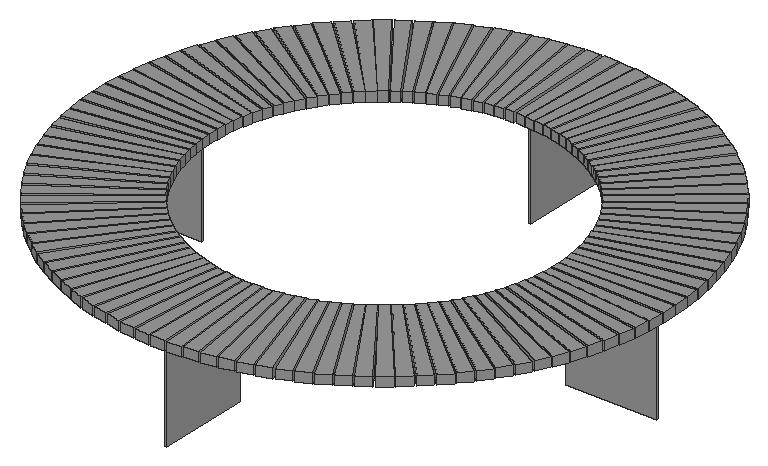
Revit family "Скамейка стальная круглая «Сол» без спинки Арт 12987", category Антураж, Revit 2018
Family settings
  На основе рабочей плоскости = Нет
  Всегда вертикально = Да
  При загрузке вырезать с полостями = Нет
  Источник визуального образа = Геометрия семейства
  Общий = Нет
  Точка расчета площади = Нет
Parameters (values of type "Версия 2,5 м")
  Ширина = Длина  # 2500 mm
  Цвет опоры = Сталь
  Цвет лавки = Дерево
  Описание = if([Версия 2,0 м], "Скамейка стальная круглая «Сол» без спинки. Версия 2,0 м", "Скамейка стальная круглая «Сол» без спинки. Версия 2,5 м")  # "Скамейка стальная круглая «Сол» без спинки. Версия 2,5 м"
  Материал изделия = "Сталь, дерево"  # constant formula
  Изображение типоразмера = Скамейка стальная круглая «Сол» без спинки Арт 12987.jpg
  Изготовитель = "ООО «Хоббика»"  # constant formula
  Длина = if([Версия 2,0 м], 2000 mm, 2500 mm)  # 2500 mm
  Группа модели = "Скамейки"  # constant formula
  Высота = 450 mm  # constant formula
  Версия 2,5 м = not([Версия 2,0 м])  # yes
  Версия 2,0 м = no
  Артикул товара = "Арт. 12987"  # constant formula
  URL = "https://hobbyka.ru/product/divan_stalnoy_sol/"
Reference planes
  plane 1 "По центру (Вперед/Назад)": y = 0
  plane 2: z = 0
  plane 3 "По центру (Влево/Вправо)": x = 0
  plane 4: y = 2500
  plane 5: x = 2500
  plane 6: z = 450
Dimensions and locks
  "Длина": plane 3 "По центру (Влево/Вправо)" to plane 5
  "Ширина": plane 4 to plane 1 "По центру (Вперед/Назад)"
  "Высота": plane 6 to plane 2
  aligned and locked: level to plane 2
Nested families
  nested 1: "Скамейка стальная круглая «Сол» без спинки Арт 12987 2,0 м" at (0, 0, 0), visible <- "Версия 2,0 м", type "Скамейка стальная круглая «Сол» без спинки Арт 12987 2,0 м"
  nested 2: "Скамейка стальная круглая «Сол» без спинки Арт 12987 2,5 м" at (0, 0, 0), visible <- "Версия 2,5 м", type "Скамейка стальная круглая «Сол» без спинки Арт 12987 2,5 м"
Definition of nested family "Скамейка стальная круглая «Сол» без спинки Арт 12987 2,0 м"
  Parameters (values of type "Скамейка стальная круглая «Сол» без спинки Арт 12987 2,0 м")
    Цвет опоры = none
    Цвет лавки = none
    Height = 0 mm
  Reference planes
    plane 1 "По центру (Вперед/Назад)": y = 0
    plane 2: z = 0
    plane 3 "По центру (Влево/Вправо)": x = 0
    plane 4: y = 2000
    plane 5: x = 2000
  Forms (mm)
    Extrusion 1, solid, material <- "Цвет лавки"
      sketch origin (0, 0, 0) x (1, 0, 0) y (0, 1, 0)
        loop
          line (1012.271, 1499.849) -> (1024.541, 1999.699)
          arc (1024.541, 1999.699) -> (1000, 2000) -> (975.459, 1999.699) r 1000
          line (975.459, 1999.699) -> (987.729, 1499.849)
          arc (987.729, 1499.849) -> (1000, 1500) -> (1012.271, 1499.849) r 500
      from 410 to 450
    Extrusion 2, solid, material <- "Цвет лавки"
      sketch origin (-54.446, 57.587, 0) x (0.99843, -0.056017, 0) y (0.056017, 0.99843, 0)
        loop
          line (1012.271, 1499.849) -> (1024.541, 1999.699)
          arc (1024.541, 1999.699) -> (1000, 2000) -> (975.459, 1999.699) r 1000
          line (975.459, 1999.699) -> (987.729, 1499.849)
          arc (987.729, 1499.849) -> (1000, 1500) -> (1012.271, 1499.849) r 500
      from 410 to 450
    Extrusion 3, solid, material <- "Цвет лавки"
      sketch origin (-105.581, 118.133, 0) x (0.993724, -0.111857, 0) y (0.111857, 0.993724, 0)
        loop
          line (1012.271, 1499.849) -> (1024.541, 1999.699)
          arc (1024.541, 1999.699) -> (1000, 2000) -> (975.459, 1999.699) r 1000
          line (975.459, 1999.699) -> (987.729, 1499.849)
          arc (987.729, 1499.849) -> (1000, 1500) -> (1012.271, 1499.849) r 500
      from 410 to 450
    Extrusion 4, solid, material <- "Цвет лавки"
      sketch origin (-153.245, 181.448, 0) x (0.985898, -0.167346, 0) y (0.167346, 0.985898, 0)
        loop
          line (1012.271, 1499.849) -> (1024.541, 1999.699)
          arc (1024.541, 1999.699) -> (1000, 2000) -> (975.459, 1999.699) r 1000
          line (975.459, 1999.699) -> (987.729, 1499.849)
          arc (987.729, 1499.849) -> (1000, 1500) -> (1012.271, 1499.849) r 500
      from 410 to 450
    Extrusion 5, solid, material <- "Цвет лавки"
      sketch origin (-197.286, 247.334, 0) x (0.974976, -0.22231, 0) y (0.22231, 0.974976, 0)
        loop
          line (1012.271, 1499.849) -> (1024.541, 1999.699)
          arc (1024.541, 1999.699) -> (1000, 2000) -> (975.459, 1999.699) r 1000
          line (975.459, 1999.699) -> (987.729, 1499.849)
          arc (987.729, 1499.849) -> (1000, 1500) -> (1012.271, 1499.849) r 500
      from 410 to 450
    Extrusion 6, solid, material <- "Цвет лавки"
      sketch origin (-237.568, 315.584, 0) x (0.960992, -0.276576, 0) y (0.276576, 0.960992, 0)
        loop
          line (1012.271, 1499.849) -> (1024.541, 1999.699)
          arc (1024.541, 1999.699) -> (1000, 2000) -> (975.459, 1999.699) r 1000
          line (975.459, 1999.699) -> (987.729, 1499.849)
          arc (987.729, 1499.849) -> (1000, 1500) -> (1012.271, 1499.849) r 500
      from 410 to 450
    Extrusion 7, solid, material <- "Цвет лавки"
      sketch origin (-273.963, 385.983, 0) x (0.94399, -0.329973, 0) y (0.329973, 0.94399, 0)
        loop
          line (1012.271, 1499.849) -> (1024.541, 1999.699)
          arc (1024.541, 1999.699) -> (1000, 2000) -> (975.459, 1999.699) r 1000
          line (975.459, 1999.699) -> (987.729, 1499.849)
          arc (987.729, 1499.849) -> (1000, 1500) -> (1012.271, 1499.849) r 500
      from 410 to 450
    Extrusion 8, solid, material <- "Цвет лавки"
      sketch origin (-306.358, 458.31, 0) x (0.924024, -0.382334, 0) y (0.382334, 0.924024, 0)
        loop
          line (1012.271, 1499.849) -> (1024.541, 1999.699)
          arc (1024.541, 1999.699) -> (1000, 2000) -> (975.459, 1999.699) r 1000
          line (975.459, 1999.699) -> (987.729, 1499.849)
          arc (987.729, 1499.849) -> (1000, 1500) -> (1012.271, 1499.849) r 500
      from 410 to 450
    Extrusion 9, solid, material <- "Цвет лавки"
      sketch origin (-334.651, 532.338, 0) x (0.901156, -0.433494, 0) y (0.433494, 0.901156, 0)
        loop
          line (1012.271, 1499.849) -> (1024.541, 1999.699)
          arc (1024.541, 1999.699) -> (1000, 2000) -> (975.459, 1999.699) r 1000
          line (975.459, 1999.699) -> (987.729, 1499.849)
          arc (987.729, 1499.849) -> (1000, 1500) -> (1012.271, 1499.849) r 500
      from 410 to 450
    Extrusion 10, solid, material <- "Цвет лавки"
      sketch origin (-358.752, 607.835, 0) x (0.875458, -0.483293, 0) y (0.483293, 0.875458, 0)
        loop
          line (1012.271, 1499.849) -> (1024.541, 1999.699)
          arc (1024.541, 1999.699) -> (1000, 2000) -> (975.459, 1999.699) r 1000
          line (975.459, 1999.699) -> (987.729, 1499.849)
          arc (987.729, 1499.849) -> (1000, 1500) -> (1012.271, 1499.849) r 500
      from 410 to 450
    Extrusion 11, solid, material <- "Цвет лавки"
      sketch origin (-378.586, 684.563, 0) x (0.847011, -0.531575, 0) y (0.531575, 0.847011, 0)
        loop
          line (1012.271, 1499.849) -> (1024.541, 1999.699)
          arc (1024.541, 1999.699) -> (1000, 2000) -> (975.459, 1999.699) r 1000
          line (975.459, 1999.699) -> (987.729, 1499.849)
          arc (987.729, 1499.849) -> (1000, 1500) -> (1012.271, 1499.849) r 500
      from 410 to 450
    Extrusion 12, solid, material <- "Цвет лавки"
      sketch origin (-394.091, 762.282, 0) x (0.815905, -0.578187, 0) y (0.578187, 0.815905, 0)
        loop
          line (1012.271, 1499.849) -> (1024.541, 1999.699)
          arc (1024.541, 1999.699) -> (1000, 2000) -> (975.459, 1999.699) r 1000
          line (975.459, 1999.699) -> (987.729, 1499.849)
          arc (987.729, 1499.849) -> (1000, 1500) -> (1012.271, 1499.849) r 500
      from 410 to 450
    Extrusion 13, solid, material <- "Цвет лавки"
      sketch origin (-405.218, 840.748, 0) x (0.782235, -0.622983, 0) y (0.622983, 0.782235, 0)
        loop
          line (1012.271, 1499.849) -> (1024.541, 1999.699)
          arc (1024.541, 1999.699) -> (1000, 2000) -> (975.459, 1999.699) r 1000
          line (975.459, 1999.699) -> (987.729, 1499.849)
          arc (987.729, 1499.849) -> (1000, 1500) -> (1012.271, 1499.849) r 500
      from 410 to 450
    Extrusion 14, solid, material <- "Цвет лавки"
      sketch origin (-411.933, 919.713, 0) x (0.74611, -0.665823, 0) y (0.665823, 0.74611, 0)
        loop
          line (1012.271, 1499.849) -> (1024.541, 1999.699)
          arc (1024.541, 1999.699) -> (1000, 2000) -> (975.459, 1999.699) r 1000
          line (975.459, 1999.699) -> (987.729, 1499.849)
          arc (987.729, 1499.849) -> (1000, 1500) -> (1012.271, 1499.849) r 500
      from 410 to 450
    Extrusion 15, solid, material <- "Цвет лавки"
      sketch origin (-414.213, 998.931, 0) x (0.707641, -0.706572, 0) y (0.706572, 0.707641, 0)
        loop
          line (1012.271, 1499.849) -> (1024.541, 1999.699)
          arc (1024.541, 1999.699) -> (1000, 2000) -> (975.459, 1999.699) r 1000
          line (975.459, 1999.699) -> (987.729, 1499.849)
          arc (987.729, 1499.849) -> (1000, 1500) -> (1012.271, 1499.849) r 500
      from 410 to 450
    Extrusion 16, solid, material <- "Цвет лавки"
      sketch origin (-412.053, 1078.152, 0) x (0.66695, -0.745102, 0) y (0.745102, 0.66695, 0)
        loop
          line (1012.271, 1499.849) -> (1024.541, 1999.699)
          arc (1024.541, 1999.699) -> (1000, 2000) -> (975.459, 1999.699) r 1000
          line (975.459, 1999.699) -> (987.729, 1499.849)
          arc (987.729, 1499.849) -> (1000, 1500) -> (1012.271, 1499.849) r 500
      from 410 to 450
    Extrusion 17, solid, material <- "Цвет лавки"
      sketch origin (-405.458, 1157.127, 0) x (0.624165, -0.781292, 0) y (0.781292, 0.624165, 0)
        loop
          line (1012.271, 1499.849) -> (1024.541, 1999.699)
          arc (1024.541, 1999.699) -> (1000, 2000) -> (975.459, 1999.699) r 1000
          line (975.459, 1999.699) -> (987.729, 1499.849)
          arc (987.729, 1499.849) -> (1000, 1500) -> (1012.271, 1499.849) r 500
      from 410 to 450
    Extrusion 18, solid, material <- "Цвет лавки"
      sketch origin (-394.449, 1235.609, 0) x (0.57942, -0.815029, 0) y (0.815029, 0.57942, 0)
        loop
          line (1012.271, 1499.849) -> (1024.541, 1999.699)
          arc (1024.541, 1999.699) -> (1000, 2000) -> (975.459, 1999.699) r 1000
          line (975.459, 1999.699) -> (987.729, 1499.849)
          arc (987.729, 1499.849) -> (1000, 1500) -> (1012.271, 1499.849) r 500
      from 410 to 450
    Extrusion 19, solid, material <- "Цвет лавки"
      sketch origin (-379.062, 1313.352, 0) x (0.532855, -0.846207, 0) y (0.846207, 0.532855, 0)
        loop
          line (1012.271, 1499.849) -> (1024.541, 1999.699)
          arc (1024.541, 1999.699) -> (1000, 2000) -> (975.459, 1999.699) r 1000
          line (975.459, 1999.699) -> (987.729, 1499.849)
          arc (987.729, 1499.849) -> (1000, 1500) -> (1012.271, 1499.849) r 500
      from 410 to 450
    Extrusion 20, solid, material <- "Цвет лавки"
      sketch origin (-359.343, 1390.11, 0) x (0.484617, -0.874727, 0) y (0.874727, 0.484617, 0)
        loop
          line (1012.271, 1499.849) -> (1024.541, 1999.699)
          arc (1024.541, 1999.699) -> (1000, 2000) -> (975.459, 1999.699) r 1000
          line (975.459, 1999.699) -> (987.729, 1499.849)
          arc (987.729, 1499.849) -> (1000, 1500) -> (1012.271, 1499.849) r 500
      from 410 to 450
    Extrusion 21, solid, material <- "Цвет лавки"
      sketch origin (-335.356, 1465.643, 0) x (0.434857, -0.9005, 0) y (0.9005, 0.434857, 0)
        loop
          line (1012.271, 1499.849) -> (1024.541, 1999.699)
          arc (1024.541, 1999.699) -> (1000, 2000) -> (975.459, 1999.699) r 1000
          line (975.459, 1999.699) -> (987.729, 1499.849)
          arc (987.729, 1499.849) -> (1000, 1500) -> (1012.271, 1499.849) r 500
      from 410 to 450
    Extrusion 22, solid, material <- "Цвет лавки"
      sketch origin (-307.176, 1539.714, 0) x (0.383731, -0.923445, 0) y (0.923445, 0.383731, 0)
        loop
          line (1012.271, 1499.849) -> (1024.541, 1999.699)
          arc (1024.541, 1999.699) -> (1000, 2000) -> (975.459, 1999.699) r 1000
          line (975.459, 1999.699) -> (987.729, 1499.849)
          arc (987.729, 1499.849) -> (1000, 1500) -> (1012.271, 1499.849) r 500
      from 410 to 450
    Extrusion 23, solid, material <- "Цвет лавки"
      sketch origin (-274.891, 1612.09, 0) x (0.3314, -0.94349, 0) y (0.94349, 0.3314, 0)
        loop
          line (1012.271, 1499.849) -> (1024.541, 1999.699)
          arc (1024.541, 1999.699) -> (1000, 2000) -> (975.459, 1999.699) r 1000
          line (975.459, 1999.699) -> (987.729, 1499.849)
          arc (987.729, 1499.849) -> (1000, 1500) -> (1012.271, 1499.849) r 500
      from 410 to 450
    Extrusion 24, solid, material <- "Цвет лавки"
      sketch origin (-238.602, 1682.544, 0) x (0.278029, -0.960573, 0) y (0.960573, 0.278029, 0)
        loop
          line (1012.271, 1499.849) -> (1024.541, 1999.699)
          arc (1024.541, 1999.699) -> (1000, 2000) -> (975.459, 1999.699) r 1000
          line (975.459, 1999.699) -> (987.729, 1499.849)
          arc (987.729, 1499.849) -> (1000, 1500) -> (1012.271, 1499.849) r 500
      from 410 to 450
    Extrusion 25, solid, material <- "Цвет лавки"
      sketch origin (-198.423, 1750.854, 0) x (0.223784, -0.974639, 0) y (0.974639, 0.223784, 0)
        loop
          line (1012.271, 1499.849) -> (1024.541, 1999.699)
          arc (1024.541, 1999.699) -> (1000, 2000) -> (975.459, 1999.699) r 1000
          line (975.459, 1999.699) -> (987.729, 1499.849)
          arc (987.729, 1499.849) -> (1000, 1500) -> (1012.271, 1499.849) r 500
      from 410 to 450
    Extrusion 26, solid, material <- "Цвет лавки"
      sketch origin (-154.481, 1816.807, 0) x (0.168837, -0.985644, 0) y (0.985644, 0.168837, 0)
        loop
          line (1012.271, 1499.849) -> (1024.541, 1999.699)
          arc (1024.541, 1999.699) -> (1000, 2000) -> (975.459, 1999.699) r 1000
          line (975.459, 1999.699) -> (987.729, 1499.849)
          arc (987.729, 1499.849) -> (1000, 1500) -> (1012.271, 1499.849) r 500
      from 410 to 450
    Extrusion 27, solid, material <- "Цвет лавки"
      sketch origin (-106.914, 1880.194, 0) x (0.11336, -0.993554, 0) y (0.993554, 0.11336, 0)
        loop
          line (1012.271, 1499.849) -> (1024.541, 1999.699)
          arc (1024.541, 1999.699) -> (1000, 2000) -> (975.459, 1999.699) r 1000
          line (975.459, 1999.699) -> (987.729, 1499.849)
          arc (987.729, 1499.849) -> (1000, 1500) -> (1012.271, 1499.849) r 500
      from 410 to 450
    Extrusion 28, solid, material <- "Цвет лавки"
      sketch origin (-55.87, 1940.818, 0) x (0.057526, -0.998344, 0) y (0.998344, 0.057526, 0)
        loop
          line (1012.271, 1499.849) -> (1024.541, 1999.699)
          arc (1024.541, 1999.699) -> (1000, 2000) -> (975.459, 1999.699) r 1000
          line (975.459, 1999.699) -> (987.729, 1499.849)
          arc (987.729, 1499.849) -> (1000, 1500) -> (1012.271, 1499.849) r 500
      from 410 to 450
    Extrusion 29, solid, material <- "Цвет лавки"
      sketch origin (-1.511, 1998.487, 0) x (0.001512, -0.999999, 0) y (0.999999, 0.001512, 0)
        loop
          line (1012.271, 1499.849) -> (1024.541, 1999.699)
          arc (1024.541, 1999.699) -> (1000, 2000) -> (975.459, 1999.699) r 1000
          line (975.459, 1999.699) -> (987.729, 1499.849)
          arc (987.729, 1499.849) -> (1000, 1500) -> (1012.271, 1499.849) r 500
      from 410 to 450
    Extrusion 30, solid, material <- "Цвет лавки"
      sketch origin (55.993, 2053.02, 0) x (-0.054507, -0.998513, 0) y (0.998513, -0.054507, 0)
        loop
          line (1012.271, 1499.849) -> (1024.541, 1999.699)
          arc (1024.541, 1999.699) -> (1000, 2000) -> (975.459, 1999.699) r 1000
          line (975.459, 1999.699) -> (987.729, 1499.849)
          arc (987.729, 1499.849) -> (1000, 1500) -> (1012.271, 1499.849) r 500
      from 410 to 450
    Extrusion 31, solid, material <- "Цвет лавки"
      sketch origin (116.462, 2104.247, 0) x (-0.110354, -0.993892, 0) y (0.993892, -0.110354, 0)
        loop
          line (1012.271, 1499.849) -> (1024.541, 1999.699)
          arc (1024.541, 1999.699) -> (1000, 2000) -> (975.459, 1999.699) r 1000
          line (975.459, 1999.699) -> (987.729, 1499.849)
          arc (987.729, 1499.849) -> (1000, 1500) -> (1012.271, 1499.849) r 500
      from 410 to 450
    Extrusion 32, solid, material <- "Цвет лавки"
      sketch origin (179.705, 2152.005, 0) x (-0.165855, -0.98615, 0) y (0.98615, -0.165855, 0)
        loop
          line (1012.271, 1499.849) -> (1024.541, 1999.699)
          arc (1024.541, 1999.699) -> (1000, 2000) -> (975.459, 1999.699) r 1000
          line (975.459, 1999.699) -> (987.729, 1499.849)
          arc (987.729, 1499.849) -> (1000, 1500) -> (1012.271, 1499.849) r 500
      from 410 to 450
    Extrusion 33, solid, material <- "Цвет лавки"
      sketch origin (245.525, 2196.147, 0) x (-0.220836, -0.975311, 0) y (0.975311, -0.220836, 0)
        loop
          line (1012.271, 1499.849) -> (1024.541, 1999.699)
          arc (1024.541, 1999.699) -> (1000, 2000) -> (975.459, 1999.699) r 1000
          line (975.459, 1999.699) -> (987.729, 1499.849)
          arc (987.729, 1499.849) -> (1000, 1500) -> (1012.271, 1499.849) r 500
      from 410 to 450
    Extrusion 34, solid, material <- "Цвет лавки"
      sketch origin (313.713, 2236.532, 0) x (-0.275122, -0.961409, 0) y (0.961409, -0.275122, 0)
        loop
          line (1012.271, 1499.849) -> (1024.541, 1999.699)
          arc (1024.541, 1999.699) -> (1000, 2000) -> (975.459, 1999.699) r 1000
          line (975.459, 1999.699) -> (987.729, 1499.849)
          arc (987.729, 1499.849) -> (1000, 1500) -> (1012.271, 1499.849) r 500
      from 410 to 450
    Extrusion 35, solid, material <- "Цвет лавки"
      sketch origin (384.057, 2273.033, 0) x (-0.328545, -0.944488, 0) y (0.944488, -0.328545, 0)
        loop
          line (1012.271, 1499.849) -> (1024.541, 1999.699)
          arc (1024.541, 1999.699) -> (1000, 2000) -> (975.459, 1999.699) r 1000
          line (975.459, 1999.699) -> (987.729, 1499.849)
          arc (987.729, 1499.849) -> (1000, 1500) -> (1012.271, 1499.849) r 500
      from 410 to 450
    Extrusion 36, solid, material <- "Цвет лавки"
      sketch origin (456.335, 2305.538, 0) x (-0.380936, -0.924601, 0) y (0.924601, -0.380936, 0)
        loop
          line (1012.271, 1499.849) -> (1024.541, 1999.699)
          arc (1024.541, 1999.699) -> (1000, 2000) -> (975.459, 1999.699) r 1000
          line (975.459, 1999.699) -> (987.729, 1499.849)
          arc (987.729, 1499.849) -> (1000, 1500) -> (1012.271, 1499.849) r 500
      from 410 to 450
    Extrusion 37, solid, material <- "Цвет лавки"
      sketch origin (530.32, 2333.942, 0) x (-0.432131, -0.901811, 0) y (0.901811, -0.432131, 0)
        loop
          line (1012.271, 1499.849) -> (1024.541, 1999.699)
          arc (1024.541, 1999.699) -> (1000, 2000) -> (975.459, 1999.699) r 1000
          line (975.459, 1999.699) -> (987.729, 1499.849)
          arc (987.729, 1499.849) -> (1000, 1500) -> (1012.271, 1499.849) r 500
      from 410 to 450
    Extrusion 38, solid, material <- "Цвет лавки"
      sketch origin (605.781, 2358.157, 0) x (-0.481969, -0.876188, 0) y (0.876188, -0.481969, 0)
        loop
          line (1012.271, 1499.849) -> (1024.541, 1999.699)
          arc (1024.541, 1999.699) -> (1000, 2000) -> (975.459, 1999.699) r 1000
          line (975.459, 1999.699) -> (987.729, 1499.849)
          arc (987.729, 1499.849) -> (1000, 1500) -> (1012.271, 1499.849) r 500
      from 410 to 450
    Extrusion 39, solid, material <- "Цвет лавки"
      sketch origin (682.479, 2378.108, 0) x (-0.530293, -0.847814, 0) y (0.847814, -0.530293, 0)
        loop
          line (1012.271, 1499.849) -> (1024.541, 1999.699)
          arc (1024.541, 1999.699) -> (1000, 2000) -> (975.459, 1999.699) r 1000
          line (975.459, 1999.699) -> (987.729, 1499.849)
          arc (987.729, 1499.849) -> (1000, 1500) -> (1012.271, 1499.849) r 500
      from 410 to 450
    Extrusion 40, solid, material <- "Цвет лавки"
      sketch origin (760.174, 2393.73, 0) x (-0.576952, -0.816778, 0) y (0.816778, -0.576952, 0)
        loop
          line (1012.271, 1499.849) -> (1024.541, 1999.699)
          arc (1024.541, 1999.699) -> (1000, 2000) -> (975.459, 1999.699) r 1000
          line (975.459, 1999.699) -> (987.729, 1499.849)
          arc (987.729, 1499.849) -> (1000, 1500) -> (1012.271, 1499.849) r 500
      from 410 to 450
    Extrusion 41, solid, material <- "Цвет лавки"
      sketch origin (838.623, 2404.976, 0) x (-0.621799, -0.783177, 0) y (0.783177, -0.621799, 0)
        loop
          line (1012.271, 1499.849) -> (1024.541, 1999.699)
          arc (1024.541, 1999.699) -> (1000, 2000) -> (975.459, 1999.699) r 1000
          line (975.459, 1999.699) -> (987.729, 1499.849)
          arc (987.729, 1499.849) -> (1000, 1500) -> (1012.271, 1499.849) r 500
      from 410 to 450
    Extrusion 42, solid, material <- "Цвет лавки"
      sketch origin (917.578, 2411.81, 0) x (-0.664694, -0.747116, 0) y (0.747116, -0.664694, 0)
        loop
          line (1012.271, 1499.849) -> (1024.541, 1999.699)
          arc (1024.541, 1999.699) -> (1000, 2000) -> (975.459, 1999.699) r 1000
          line (975.459, 1999.699) -> (987.729, 1499.849)
          arc (987.729, 1499.849) -> (1000, 1500) -> (1012.271, 1499.849) r 500
      from 410 to 450
    Extrusion 43, solid, material <- "Цвет лавки"
      sketch origin (996.792, 2414.21, 0) x (-0.705501, -0.708709, 0) y (0.708709, -0.705501, 0)
        loop
          line (1012.271, 1499.849) -> (1024.541, 1999.699)
          arc (1024.541, 1999.699) -> (1000, 2000) -> (975.459, 1999.699) r 1000
          line (975.459, 1999.699) -> (987.729, 1499.849)
          arc (987.729, 1499.849) -> (1000, 1500) -> (1012.271, 1499.849) r 500
      from 410 to 450
    Extrusion 44, solid, material <- "Цвет лавки"
      sketch origin (1076.016, 2412.169, 0) x (-0.744093, -0.668076, 0) y (0.668076, -0.744093, 0)
        loop
          line (1012.271, 1499.849) -> (1024.541, 1999.699)
          arc (1024.541, 1999.699) -> (1000, 2000) -> (975.459, 1999.699) r 1000
          line (975.459, 1999.699) -> (987.729, 1499.849)
          arc (987.729, 1499.849) -> (1000, 1500) -> (1012.271, 1499.849) r 500
      from 410 to 450
    Extrusion 45, solid, material <- "Цвет лавки"
      sketch origin (1155.002, 2405.694, 0) x (-0.780348, -0.625346, 0) y (0.625346, -0.780348, 0)
        loop
          line (1012.271, 1499.849) -> (1024.541, 1999.699)
          arc (1024.541, 1999.699) -> (1000, 2000) -> (975.459, 1999.699) r 1000
          line (975.459, 1999.699) -> (987.729, 1499.849)
          arc (987.729, 1499.849) -> (1000, 1500) -> (1012.271, 1499.849) r 500
      from 410 to 450
    Extrusion 46, solid, material <- "Цвет лавки"
      sketch origin (1233.5, 2394.804, 0) x (-0.814152, -0.580652, 0) y (0.580652, -0.814152, 0)
        loop
          line (1012.271, 1499.849) -> (1024.541, 1999.699)
          arc (1024.541, 1999.699) -> (1000, 2000) -> (975.459, 1999.699) r 1000
          line (975.459, 1999.699) -> (987.729, 1499.849)
          arc (987.729, 1499.849) -> (1000, 1500) -> (1012.271, 1499.849) r 500
      from 410 to 450
    Extrusion 47, solid, material <- "Цвет лавки"
      sketch origin (1311.266, 2379.534, 0) x (-0.8454, -0.534134, 0) y (0.534134, -0.8454, 0)
        loop
          line (1012.271, 1499.849) -> (1024.541, 1999.699)
          arc (1024.541, 1999.699) -> (1000, 2000) -> (975.459, 1999.699) r 1000
          line (975.459, 1999.699) -> (987.729, 1499.849)
          arc (987.729, 1499.849) -> (1000, 1500) -> (1012.271, 1499.849) r 500
      from 410 to 450
    Extrusion 48, solid, material <- "Цвет лавки"
      sketch origin (1388.054, 2359.932, 0) x (-0.873993, -0.485939, 0) y (0.485939, -0.873993, 0)
        loop
          line (1012.271, 1499.849) -> (1024.541, 1999.699)
          arc (1024.541, 1999.699) -> (1000, 2000) -> (975.459, 1999.699) r 1000
          line (975.459, 1999.699) -> (987.729, 1499.849)
          arc (987.729, 1499.849) -> (1000, 1500) -> (1012.271, 1499.849) r 500
      from 410 to 450
    Extrusion 49, solid, material <- "Цвет лавки"
      sketch origin (1463.623, 2336.059, 0) x (-0.899841, -0.436218, 0) y (0.436218, -0.899841, 0)
        loop
          line (1012.271, 1499.849) -> (1024.541, 1999.699)
          arc (1024.541, 1999.699) -> (1000, 2000) -> (975.459, 1999.699) r 1000
          line (975.459, 1999.699) -> (987.729, 1499.849)
          arc (987.729, 1499.849) -> (1000, 1500) -> (1012.271, 1499.849) r 500
      from 410 to 450
    Extrusion 50, solid, material <- "Цвет лавки"
      sketch origin (1537.736, 2307.991, 0) x (-0.922864, -0.385127, 0) y (0.385127, -0.922864, 0)
        loop
          line (1012.271, 1499.849) -> (1024.541, 1999.699)
          arc (1024.541, 1999.699) -> (1000, 2000) -> (975.459, 1999.699) r 1000
          line (975.459, 1999.699) -> (987.729, 1499.849)
          arc (987.729, 1499.849) -> (1000, 1500) -> (1012.271, 1499.849) r 500
      from 410 to 450
    Extrusion 51, solid, material <- "Цвет лавки"
      sketch origin (1610.161, 2275.815, 0) x (-0.942988, -0.332827, 0) y (0.332827, -0.942988, 0)
        loop
          line (1012.271, 1499.849) -> (1024.541, 1999.699)
          arc (1024.541, 1999.699) -> (1000, 2000) -> (975.459, 1999.699) r 1000
          line (975.459, 1999.699) -> (987.729, 1499.849)
          arc (987.729, 1499.849) -> (1000, 1500) -> (1012.271, 1499.849) r 500
      from 410 to 450
    Extrusion 52, solid, material <- "Цвет лавки"
      sketch origin (1680.67, 2239.632, 0) x (-0.960151, -0.279481, 0) y (0.279481, -0.960151, 0)
        loop
          line (1012.271, 1499.849) -> (1024.541, 1999.699)
          arc (1024.541, 1999.699) -> (1000, 2000) -> (975.459, 1999.699) r 1000
          line (975.459, 1999.699) -> (987.729, 1499.849)
          arc (987.729, 1499.849) -> (1000, 1500) -> (1012.271, 1499.849) r 500
      from 410 to 450
    Extrusion 53, solid, material <- "Цвет лавки"
      sketch origin (1749.041, 2199.557, 0) x (-0.974299, -0.225258, 0) y (0.225258, -0.974299, 0)
        loop
          line (1012.271, 1499.849) -> (1024.541, 1999.699)
          arc (1024.541, 1999.699) -> (1000, 2000) -> (975.459, 1999.699) r 1000
          line (975.459, 1999.699) -> (987.729, 1499.849)
          arc (987.729, 1499.849) -> (1000, 1500) -> (1012.271, 1499.849) r 500
      from 410 to 450
    Extrusion 54, solid, material <- "Цвет лавки"
      sketch origin (1815.06, 2155.715, 0) x (-0.985387, -0.170328, 0) y (0.170328, -0.985387, 0)
        loop
          line (1012.271, 1499.849) -> (1024.541, 1999.699)
          arc (1024.541, 1999.699) -> (1000, 2000) -> (975.459, 1999.699) r 1000
          line (975.459, 1999.699) -> (987.729, 1499.849)
          arc (987.729, 1499.849) -> (1000, 1500) -> (1012.271, 1499.849) r 500
      from 410 to 450
    Extrusion 55, solid, material <- "Цвет лавки"
      sketch origin (1878.519, 2108.244, 0) x (-0.993381, -0.114862, 0) y (0.114862, -0.993381, 0)
        loop
          line (1012.271, 1499.849) -> (1024.541, 1999.699)
          arc (1024.541, 1999.699) -> (1000, 2000) -> (975.459, 1999.699) r 1000
          line (975.459, 1999.699) -> (987.729, 1499.849)
          arc (987.729, 1499.849) -> (1000, 1500) -> (1012.271, 1499.849) r 500
      from 410 to 450
    Extrusion 56, solid, material <- "Цвет лавки"
      sketch origin (1939.22, 2057.292, 0) x (-0.998256, -0.059036, 0) y (0.059036, -0.998256, 0)
        loop
          line (1012.271, 1499.849) -> (1024.541, 1999.699)
          arc (1024.541, 1999.699) -> (1000, 2000) -> (975.459, 1999.699) r 1000
          line (975.459, 1999.699) -> (987.729, 1499.849)
          arc (987.729, 1499.849) -> (1000, 1500) -> (1012.271, 1499.849) r 500
      from 410 to 450
    Extrusion 57, solid, material <- "Цвет лавки"
      sketch origin (1996.971, 2003.02, 0) x (-0.999995, -0.003025, 0) y (0.003025, -0.999995, 0)
        loop
          line (1012.271, 1499.849) -> (1024.541, 1999.699)
          arc (1024.541, 1999.699) -> (1000, 2000) -> (975.459, 1999.699) r 1000
          line (975.459, 1999.699) -> (987.729, 1499.849)
          arc (987.729, 1499.849) -> (1000, 1500) -> (1012.271, 1499.849) r 500
      from 410 to 450
    Extrusion 58, solid, material <- "Цвет лавки"
      sketch origin (2051.591, 1945.598, 0) x (-0.998595, 0.052996, 0) y (-0.052996, -0.998595, 0)
        loop
          line (1012.271, 1499.849) -> (1024.541, 1999.699)
          arc (1024.541, 1999.699) -> (1000, 2000) -> (975.459, 1999.699) r 1000
          line (975.459, 1999.699) -> (987.729, 1499.849)
          arc (987.729, 1499.849) -> (1000, 1500) -> (1012.271, 1499.849) r 500
      from 410 to 450
    Extrusion 59, solid, material <- "Цвет лавки"
      sketch origin (2102.909, 1885.207, 0) x (-0.994058, 0.108851, 0) y (-0.108851, -0.994058, 0)
        loop
          line (1012.271, 1499.849) -> (1024.541, 1999.699)
          arc (1024.541, 1999.699) -> (1000, 2000) -> (975.459, 1999.699) r 1000
          line (975.459, 1999.699) -> (987.729, 1499.849)
          arc (987.729, 1499.849) -> (1000, 1500) -> (1012.271, 1499.849) r 500
      from 410 to 450
    Extrusion 60, solid, material <- "Цвет лавки"
      sketch origin (2150.764, 1822.036, 0) x (-0.9864, 0.164364, 0) y (-0.164364, -0.9864, 0)
        loop
          line (1012.271, 1499.849) -> (1024.541, 1999.699)
          arc (1024.541, 1999.699) -> (1000, 2000) -> (975.459, 1999.699) r 1000
          line (975.459, 1999.699) -> (987.729, 1499.849)
          arc (987.729, 1499.849) -> (1000, 1500) -> (1012.271, 1499.849) r 500
      from 410 to 450
    Extrusion 61, solid, material <- "Цвет лавки"
      sketch origin (2195.004, 1756.283, 0) x (-0.975644, 0.21936, 0) y (-0.21936, -0.975644, 0)
        loop
          line (1012.271, 1499.849) -> (1024.541, 1999.699)
          arc (1024.541, 1999.699) -> (1000, 2000) -> (975.459, 1999.699) r 1000
          line (975.459, 1999.699) -> (987.729, 1499.849)
          arc (987.729, 1499.849) -> (1000, 1500) -> (1012.271, 1499.849) r 500
      from 410 to 450
    Extrusion 62, solid, material <- "Цвет лавки"
      sketch origin (2235.492, 1688.156, 0) x (-0.961824, 0.273668, 0) y (-0.273668, -0.961824, 0)
        loop
          line (1012.271, 1499.849) -> (1024.541, 1999.699)
          arc (1024.541, 1999.699) -> (1000, 2000) -> (975.459, 1999.699) r 1000
          line (975.459, 1999.699) -> (987.729, 1499.849)
          arc (987.729, 1499.849) -> (1000, 1500) -> (1012.271, 1499.849) r 500
      from 410 to 450
    Extrusion 63, solid, material <- "Цвет лавки"
      sketch origin (2272.101, 1617.867, 0) x (-0.944984, 0.327117, 0) y (-0.327117, -0.944984, 0)
        loop
          line (1012.271, 1499.849) -> (1024.541, 1999.699)
          arc (1024.541, 1999.699) -> (1000, 2000) -> (975.459, 1999.699) r 1000
          line (975.459, 1999.699) -> (987.729, 1499.849)
          arc (987.729, 1499.849) -> (1000, 1500) -> (1012.271, 1499.849) r 500
      from 410 to 450
    Extrusion 64, solid, material <- "Цвет лавки"
      sketch origin (2304.714, 1545.639, 0) x (-0.925176, 0.379538, 0) y (-0.379538, -0.925176, 0)
        loop
          line (1012.271, 1499.849) -> (1024.541, 1999.699)
          arc (1024.541, 1999.699) -> (1000, 2000) -> (975.459, 1999.699) r 1000
          line (975.459, 1999.699) -> (987.729, 1499.849)
          arc (987.729, 1499.849) -> (1000, 1500) -> (1012.271, 1499.849) r 500
      from 410 to 450
    Extrusion 65, solid, material <- "Цвет лавки"
      sketch origin (2333.23, 1471.696, 0) x (-0.902463, 0.430767, 0) y (-0.430767, -0.902463, 0)
        loop
          line (1012.271, 1499.849) -> (1024.541, 1999.699)
          arc (1024.541, 1999.699) -> (1000, 2000) -> (975.459, 1999.699) r 1000
          line (975.459, 1999.699) -> (987.729, 1499.849)
          arc (987.729, 1499.849) -> (1000, 1500) -> (1012.271, 1499.849) r 500
      from 410 to 450
    Extrusion 66, solid, material <- "Цвет лавки"
      sketch origin (2357.56, 1396.273, 0) x (-0.876916, 0.480643, 0) y (-0.480643, -0.876916, 0)
        loop
          line (1012.271, 1499.849) -> (1024.541, 1999.699)
          arc (1024.541, 1999.699) -> (1000, 2000) -> (975.459, 1999.699) r 1000
          line (975.459, 1999.699) -> (987.729, 1499.849)
          arc (987.729, 1499.849) -> (1000, 1500) -> (1012.271, 1499.849) r 500
      from 410 to 450
    Extrusion 67, solid, material <- "Цвет лавки"
      sketch origin (2377.626, 1319.605, 0) x (-0.848615, 0.52901, 0) y (-0.52901, -0.848615, 0)
        loop
          line (1012.271, 1499.849) -> (1024.541, 1999.699)
          arc (1024.541, 1999.699) -> (1000, 2000) -> (975.459, 1999.699) r 1000
          line (975.459, 1999.699) -> (987.729, 1499.849)
          arc (987.729, 1499.849) -> (1000, 1500) -> (1012.271, 1499.849) r 500
      from 410 to 450
    Extrusion 68, solid, material <- "Цвет лавки"
      sketch origin (2393.366, 1241.933, 0) x (-0.81765, 0.575716, 0) y (-0.575716, -0.81765, 0)
        loop
          line (1012.271, 1499.849) -> (1024.541, 1999.699)
          arc (1024.541, 1999.699) -> (1000, 2000) -> (975.459, 1999.699) r 1000
          line (975.459, 1999.699) -> (987.729, 1499.849)
          arc (987.729, 1499.849) -> (1000, 1500) -> (1012.271, 1499.849) r 500
      from 410 to 450
    Extrusion 69, solid, material <- "Цвет лавки"
      sketch origin (2404.73, 1163.502, 0) x (-0.784116, 0.620614, 0) y (-0.620614, -0.784116, 0)
        loop
          line (1012.271, 1499.849) -> (1024.541, 1999.699)
          arc (1024.541, 1999.699) -> (1000, 2000) -> (975.459, 1999.699) r 1000
          line (975.459, 1999.699) -> (987.729, 1499.849)
          arc (987.729, 1499.849) -> (1000, 1500) -> (1012.271, 1499.849) r 500
      from 410 to 450
    Extrusion 70, solid, material <- "Цвет лавки"
      sketch origin (2411.683, 1084.557, 0) x (-0.74812, 0.663563, 0) y (-0.663563, -0.74812, 0)
        loop
          line (1012.271, 1499.849) -> (1024.541, 1999.699)
          arc (1024.541, 1999.699) -> (1000, 2000) -> (975.459, 1999.699) r 1000
          line (975.459, 1999.699) -> (987.729, 1499.849)
          arc (987.729, 1499.849) -> (1000, 1500) -> (1012.271, 1499.849) r 500
      from 410 to 450
    Extrusion 71, solid, material <- "Цвет лавки"
      sketch origin (2414.203, 1005.347, 0) x (-0.709775, 0.704428, 0) y (-0.704428, -0.709775, 0)
        loop
          line (1012.271, 1499.849) -> (1024.541, 1999.699)
          arc (1024.541, 1999.699) -> (1000, 2000) -> (975.459, 1999.699) r 1000
          line (975.459, 1999.699) -> (987.729, 1499.849)
          arc (987.729, 1499.849) -> (1000, 1500) -> (1012.271, 1499.849) r 500
      from 410 to 450
    Extrusion 72, solid, material <- "Цвет лавки"
      sketch origin (2412.282, 926.12, 0) x (-0.669201, 0.743081, 0) y (-0.743081, -0.669201, 0)
        loop
          line (1012.271, 1499.849) -> (1024.541, 1999.699)
          arc (1024.541, 1999.699) -> (1000, 2000) -> (975.459, 1999.699) r 1000
          line (975.459, 1999.699) -> (987.729, 1499.849)
          arc (987.729, 1499.849) -> (1000, 1500) -> (1012.271, 1499.849) r 500
      from 410 to 450
    Extrusion 73, solid, material <- "Цвет лавки"
      sketch origin (2405.926, 847.124, 0) x (-0.626525, 0.779401, 0) y (-0.779401, -0.626525, 0)
        loop
          line (1012.271, 1499.849) -> (1024.541, 1999.699)
          arc (1024.541, 1999.699) -> (1000, 2000) -> (975.459, 1999.699) r 1000
          line (975.459, 1999.699) -> (987.729, 1499.849)
          arc (987.729, 1499.849) -> (1000, 1500) -> (1012.271, 1499.849) r 500
      from 410 to 450
    Extrusion 74, solid, material <- "Цвет лавки"
      sketch origin (2395.155, 768.609, 0) x (-0.581882, 0.813273, 0) y (-0.813273, -0.581882, 0)
        loop
          line (1012.271, 1499.849) -> (1024.541, 1999.699)
          arc (1024.541, 1999.699) -> (1000, 2000) -> (975.459, 1999.699) r 1000
          line (975.459, 1999.699) -> (987.729, 1499.849)
          arc (987.729, 1499.849) -> (1000, 1500) -> (1012.271, 1499.849) r 500
      from 410 to 450
    Extrusion 75, solid, material <- "Цвет лавки"
      sketch origin (2380.003, 690.821, 0) x (-0.535412, 0.844591, 0) y (-0.844591, -0.535412, 0)
        loop
          line (1012.271, 1499.849) -> (1024.541, 1999.699)
          arc (1024.541, 1999.699) -> (1000, 2000) -> (975.459, 1999.699) r 1000
          line (975.459, 1999.699) -> (987.729, 1499.849)
          arc (987.729, 1499.849) -> (1000, 1500) -> (1012.271, 1499.849) r 500
      from 410 to 450
    Extrusion 76, solid, material <- "Цвет лавки"
      sketch origin (2360.517, 614.003, 0) x (-0.48726, 0.873257, 0) y (-0.873257, -0.48726, 0)
        loop
          line (1012.271, 1499.849) -> (1024.541, 1999.699)
          arc (1024.541, 1999.699) -> (1000, 2000) -> (975.459, 1999.699) r 1000
          line (975.459, 1999.699) -> (987.729, 1499.849)
          arc (987.729, 1499.849) -> (1000, 1500) -> (1012.271, 1499.849) r 500
      from 410 to 450
    Extrusion 77, solid, material <- "Цвет лавки"
      sketch origin (2336.759, 538.398, 0) x (-0.437578, 0.89918, 0) y (-0.89918, -0.437578, 0)
        loop
          line (1012.271, 1499.849) -> (1024.541, 1999.699)
          arc (1024.541, 1999.699) -> (1000, 2000) -> (975.459, 1999.699) r 1000
          line (975.459, 1999.699) -> (987.729, 1499.849)
          arc (987.729, 1499.849) -> (1000, 1500) -> (1012.271, 1499.849) r 500
      from 410 to 450
    Extrusion 78, solid, material <- "Цвет лавки"
      sketch origin (2308.802, 464.242, 0) x (-0.386522, 0.92228, 0) y (-0.92228, -0.386522, 0)
        loop
          line (1012.271, 1499.849) -> (1024.541, 1999.699)
          arc (1024.541, 1999.699) -> (1000, 2000) -> (975.459, 1999.699) r 1000
          line (975.459, 1999.699) -> (987.729, 1499.849)
          arc (987.729, 1499.849) -> (1000, 1500) -> (1012.271, 1499.849) r 500
      from 410 to 450
    Extrusion 79, solid, material <- "Цвет лавки"
      sketch origin (2276.736, 391.769, 0) x (-0.334252, 0.942484, 0) y (-0.942484, -0.334252, 0)
        loop
          line (1012.271, 1499.849) -> (1024.541, 1999.699)
          arc (1024.541, 1999.699) -> (1000, 2000) -> (975.459, 1999.699) r 1000
          line (975.459, 1999.699) -> (987.729, 1499.849)
          arc (987.729, 1499.849) -> (1000, 1500) -> (1012.271, 1499.849) r 500
      from 410 to 450
    Extrusion 80, solid, material <- "Цвет лавки"
      sketch origin (2240.66, 321.206, 0) x (-0.280933, 0.959727, 0) y (-0.959727, -0.280933, 0)
        loop
          line (1012.271, 1499.849) -> (1024.541, 1999.699)
          arc (1024.541, 1999.699) -> (1000, 2000) -> (975.459, 1999.699) r 1000
          line (975.459, 1999.699) -> (987.729, 1499.849)
          arc (987.729, 1499.849) -> (1000, 1500) -> (1012.271, 1499.849) r 500
      from 410 to 450
    Extrusion 81, solid, material <- "Цвет лавки"
      sketch origin (2200.689, 252.774, 0) x (-0.226731, 0.973957, 0) y (-0.973957, -0.226731, 0)
        loop
          line (1012.271, 1499.849) -> (1024.541, 1999.699)
          arc (1024.541, 1999.699) -> (1000, 2000) -> (975.459, 1999.699) r 1000
          line (975.459, 1999.699) -> (987.729, 1499.849)
          arc (987.729, 1499.849) -> (1000, 1500) -> (1012.271, 1499.849) r 500
      from 410 to 450
    Extrusion 82, solid, material <- "Цвет лавки"
      sketch origin (2156.946, 186.689, 0) x (-0.171818, 0.985129, 0) y (-0.985129, -0.171818, 0)
        loop
          line (1012.271, 1499.849) -> (1024.541, 1999.699)
          arc (1024.541, 1999.699) -> (1000, 2000) -> (975.459, 1999.699) r 1000
          line (975.459, 1999.699) -> (987.729, 1499.849)
          arc (987.729, 1499.849) -> (1000, 1500) -> (1012.271, 1499.849) r 500
      from 410 to 450
    Extrusion 83, solid, material <- "Цвет лавки"
      sketch origin (2109.571, 123.158, 0) x (-0.116364, 0.993207, 0) y (-0.993207, -0.116364, 0)
        loop
          line (1012.271, 1499.849) -> (1024.541, 1999.699)
          arc (1024.541, 1999.699) -> (1000, 2000) -> (975.459, 1999.699) r 1000
          line (975.459, 1999.699) -> (987.729, 1499.849)
          arc (987.729, 1499.849) -> (1000, 1500) -> (1012.271, 1499.849) r 500
      from 410 to 450
    Extrusion 84, solid, material <- "Цвет лавки"
      sketch origin (2058.711, 62.38, 0) x (-0.060546, 0.998165, 0) y (-0.998165, -0.060546, 0)
        loop
          line (1012.271, 1499.849) -> (1024.541, 1999.699)
          arc (1024.541, 1999.699) -> (1000, 2000) -> (975.459, 1999.699) r 1000
          line (975.459, 1999.699) -> (987.729, 1499.849)
          arc (987.729, 1499.849) -> (1000, 1500) -> (1012.271, 1499.849) r 500
      from 410 to 450
    Extrusion 85, solid, material <- "Цвет лавки"
      sketch origin (2004.527, 4.547, 0) x (-0.004537, 0.99999, 0) y (-0.99999, -0.004537, 0)
        loop
          line (1012.271, 1499.849) -> (1024.541, 1999.699)
          arc (1024.541, 1999.699) -> (1000, 2000) -> (975.459, 1999.699) r 1000
          line (975.459, 1999.699) -> (987.729, 1499.849)
          arc (987.729, 1499.849) -> (1000, 1500) -> (1012.271, 1499.849) r 500
      from 410 to 450
    Extrusion 86, solid, material <- "Цвет лавки"
      sketch origin (1947.187, -50.16, 0) x (0.051486, 0.998674, 0) y (-0.998674, 0.051486, 0)
        loop
          line (1012.271, 1499.849) -> (1024.541, 1999.699)
          arc (1024.541, 1999.699) -> (1000, 2000) -> (975.459, 1999.699) r 1000
          line (975.459, 1999.699) -> (987.729, 1499.849)
          arc (987.729, 1499.849) -> (1000, 1500) -> (1012.271, 1499.849) r 500
      from 410 to 450
    Extrusion 87, solid, material <- "Цвет лавки"
      sketch origin (1886.874, -101.569, 0) x (0.107348, 0.994222, 0) y (-0.994222, 0.107348, 0)
        loop
          line (1012.271, 1499.849) -> (1024.541, 1999.699)
          arc (1024.541, 1999.699) -> (1000, 2000) -> (975.459, 1999.699) r 1000
          line (975.459, 1999.699) -> (987.729, 1499.849)
          arc (987.729, 1499.849) -> (1000, 1500) -> (1012.271, 1499.849) r 500
      from 410 to 450
    Extrusion 88, solid, material <- "Цвет лавки"
      sketch origin (1823.775, -149.519, 0) x (0.162872, 0.986647, 0) y (-0.986647, 0.162872, 0)
        loop
          line (1012.271, 1499.849) -> (1024.541, 1999.699)
          arc (1024.541, 1999.699) -> (1000, 2000) -> (975.459, 1999.699) r 1000
          line (975.459, 1999.699) -> (987.729, 1499.849)
          arc (987.729, 1499.849) -> (1000, 1500) -> (1012.271, 1499.849) r 500
      from 410 to 450
    Extrusion 89, solid, material <- "Цвет лавки"
      sketch origin (1758.09, -193.859, 0) x (0.217885, 0.975975, 0) y (-0.975975, 0.217885, 0)
        loop
          line (1012.271, 1499.849) -> (1024.541, 1999.699)
          arc (1024.541, 1999.699) -> (1000, 2000) -> (975.459, 1999.699) r 1000
          line (975.459, 1999.699) -> (987.729, 1499.849)
          arc (987.729, 1499.849) -> (1000, 1500) -> (1012.271, 1499.849) r 500
      from 410 to 450
    Extrusion 90, solid, material <- "Цвет лавки"
      sketch origin (1690.024, -234.45, 0) x (0.272213, 0.962237, 0) y (-0.962237, 0.272213, 0)
        loop
          line (1012.271, 1499.849) -> (1024.541, 1999.699)
          arc (1024.541, 1999.699) -> (1000, 2000) -> (975.459, 1999.699) r 1000
          line (975.459, 1999.699) -> (987.729, 1499.849)
          arc (987.729, 1499.849) -> (1000, 1500) -> (1012.271, 1499.849) r 500
      from 410 to 450
    Extrusion 91, solid, material <- "Цвет лавки"
      sketch origin (1619.791, -271.165, 0) x (0.325687, 0.945478, 0) y (-0.945478, 0.325687, 0)
        loop
          line (1012.271, 1499.849) -> (1024.541, 1999.699)
          arc (1024.541, 1999.699) -> (1000, 2000) -> (975.459, 1999.699) r 1000
          line (975.459, 1999.699) -> (987.729, 1499.849)
          arc (987.729, 1499.849) -> (1000, 1500) -> (1012.271, 1499.849) r 500
      from 410 to 450
    Extrusion 92, solid, material <- "Цвет лавки"
      sketch origin (1547.611, -303.887, 0) x (0.378138, 0.925749, 0) y (-0.925749, 0.378138, 0)
        loop
          line (1012.271, 1499.849) -> (1024.541, 1999.699)
          arc (1024.541, 1999.699) -> (1000, 2000) -> (975.459, 1999.699) r 1000
          line (975.459, 1999.699) -> (987.729, 1499.849)
          arc (987.729, 1499.849) -> (1000, 1500) -> (1012.271, 1499.849) r 500
      from 410 to 450
    Extrusion 93, solid, material <- "Цвет лавки"
      sketch origin (1473.712, -332.515, 0) x (0.429402, 0.903114, 0) y (-0.903114, 0.429402, 0)
        loop
          line (1012.271, 1499.849) -> (1024.541, 1999.699)
          arc (1024.541, 1999.699) -> (1000, 2000) -> (975.459, 1999.699) r 1000
          line (975.459, 1999.699) -> (987.729, 1499.849)
          arc (987.729, 1499.849) -> (1000, 1500) -> (1012.271, 1499.849) r 500
      from 410 to 450
    Extrusion 94, solid, material <- "Цвет лавки"
      sketch origin (1398.325, -356.959, 0) x (0.479317, 0.877642, 0) y (-0.877642, 0.479317, 0)
        loop
          line (1012.271, 1499.849) -> (1024.541, 1999.699)
          arc (1024.541, 1999.699) -> (1000, 2000) -> (975.459, 1999.699) r 1000
          line (975.459, 1999.699) -> (987.729, 1499.849)
          arc (987.729, 1499.849) -> (1000, 1500) -> (1012.271, 1499.849) r 500
      from 410 to 450
    Extrusion 95, solid, material <- "Цвет лавки"
      sketch origin (1321.688, -377.141, 0) x (0.527726, 0.849414, 0) y (-0.849414, 0.527726, 0)
        loop
          line (1012.271, 1499.849) -> (1024.541, 1999.699)
          arc (1024.541, 1999.699) -> (1000, 2000) -> (975.459, 1999.699) r 1000
          line (975.459, 1999.699) -> (987.729, 1499.849)
          arc (987.729, 1499.849) -> (1000, 1500) -> (1012.271, 1499.849) r 500
      from 410 to 450
    Extrusion 96, solid, material <- "Цвет лавки"
      sketch origin (1244.04, -392.998, 0) x (0.574479, 0.818519, 0) y (-0.818519, 0.574479, 0)
        loop
          line (1012.271, 1499.849) -> (1024.541, 1999.699)
          arc (1024.541, 1999.699) -> (1000, 2000) -> (975.459, 1999.699) r 1000
          line (975.459, 1999.699) -> (987.729, 1499.849)
          arc (987.729, 1499.849) -> (1000, 1500) -> (1012.271, 1499.849) r 500
      from 410 to 450
    Extrusion 97, solid, material <- "Цвет лавки"
      sketch origin (1165.626, -404.481, 0) x (0.619428, 0.785054, 0) y (-0.785054, 0.619428, 0)
        loop
          line (1012.271, 1499.849) -> (1024.541, 1999.699)
          arc (1024.541, 1999.699) -> (1000, 2000) -> (975.459, 1999.699) r 1000
          line (975.459, 1999.699) -> (987.729, 1499.849)
          arc (987.729, 1499.849) -> (1000, 1500) -> (1012.271, 1499.849) r 500
      from 410 to 450
    Extrusion 98, solid, material <- "Цвет лавки"
      sketch origin (1086.692, -411.554, 0) x (0.662431, 0.749123, 0) y (-0.749123, 0.662431, 0)
        loop
          line (1012.271, 1499.849) -> (1024.541, 1999.699)
          arc (1024.541, 1999.699) -> (1000, 2000) -> (975.459, 1999.699) r 1000
          line (975.459, 1999.699) -> (987.729, 1499.849)
          arc (987.729, 1499.849) -> (1000, 1500) -> (1012.271, 1499.849) r 500
      from 410 to 450
    Extrusion 99, solid, material <- "Цвет лавки"
      sketch origin (1007.485, -414.194, 0) x (0.703354, 0.71084, 0) y (-0.71084, 0.703354, 0)
        loop
          line (1012.271, 1499.849) -> (1024.541, 1999.699)
          arc (1024.541, 1999.699) -> (1000, 2000) -> (975.459, 1999.699) r 1000
          line (975.459, 1999.699) -> (987.729, 1499.849)
          arc (987.729, 1499.849) -> (1000, 1500) -> (1012.271, 1499.849) r 500
      from 410 to 450
    Extrusion 100, solid, material <- "Цвет лавки"
      sketch origin (928.255, -412.393, 0) x (0.742069, 0.670324, 0) y (-0.670324, 0.742069, 0)
        loop
          line (1012.271, 1499.849) -> (1024.541, 1999.699)
          arc (1024.541, 1999.699) -> (1000, 2000) -> (975.459, 1999.699) r 1000
          line (975.459, 1999.699) -> (987.729, 1499.849)
          arc (987.729, 1499.849) -> (1000, 1500) -> (1012.271, 1499.849) r 500
      from 410 to 450
    Extrusion 101, solid, material <- "Цвет лавки"
      sketch origin (849.251, -406.156, 0) x (0.778453, 0.627703, 0) y (-0.627703, 0.778453, 0)
        loop
          line (1012.271, 1499.849) -> (1024.541, 1999.699)
          arc (1024.541, 1999.699) -> (1000, 2000) -> (975.459, 1999.699) r 1000
          line (975.459, 1999.699) -> (987.729, 1499.849)
          arc (987.729, 1499.849) -> (1000, 1500) -> (1012.271, 1499.849) r 500
      from 410 to 450
    Extrusion 102, solid, material <- "Цвет лавки"
      sketch origin (770.719, -395.504, 0) x (0.812392, 0.583112, 0) y (-0.583112, 0.812392, 0)
        loop
          line (1012.271, 1499.849) -> (1024.541, 1999.699)
          arc (1024.541, 1999.699) -> (1000, 2000) -> (975.459, 1999.699) r 1000
          line (975.459, 1999.699) -> (987.729, 1499.849)
          arc (987.729, 1499.849) -> (1000, 1500) -> (1012.271, 1499.849) r 500
      from 410 to 450
    Extrusion 103, solid, material <- "Цвет лавки"
      sketch origin (692.908, -380.469, 0) x (0.84378, 0.536689, 0) y (-0.536689, 0.84378, 0)
        loop
          line (1012.271, 1499.849) -> (1024.541, 1999.699)
          arc (1024.541, 1999.699) -> (1000, 2000) -> (975.459, 1999.699) r 1000
          line (975.459, 1999.699) -> (987.729, 1499.849)
          arc (987.729, 1499.849) -> (1000, 1500) -> (1012.271, 1499.849) r 500
      from 410 to 450
    Extrusion 104, solid, material <- "Цвет лавки"
      sketch origin (616.061, -361.099, 0) x (0.872519, 0.48858, 0) y (-0.48858, 0.872519, 0)
        loop
          line (1012.271, 1499.849) -> (1024.541, 1999.699)
          arc (1024.541, 1999.699) -> (1000, 2000) -> (975.459, 1999.699) r 1000
          line (975.459, 1999.699) -> (987.729, 1499.849)
          arc (987.729, 1499.849) -> (1000, 1500) -> (1012.271, 1499.849) r 500
      from 410 to 450
    Extrusion 105, solid, material <- "Цвет лавки"
      sketch origin (540.42, -337.455, 0) x (0.898518, 0.438938, 0) y (-0.438938, 0.898518, 0)
        loop
          line (1012.271, 1499.849) -> (1024.541, 1999.699)
          arc (1024.541, 1999.699) -> (1000, 2000) -> (975.459, 1999.699) r 1000
          line (975.459, 1999.699) -> (987.729, 1499.849)
          arc (987.729, 1499.849) -> (1000, 1500) -> (1012.271, 1499.849) r 500
      from 410 to 450
    Extrusion 106, solid, material <- "Цвет лавки"
      sketch origin (466.222, -309.611, 0) x (0.921694, 0.387917, 0) y (-0.387917, 0.921694, 0)
        loop
          line (1012.271, 1499.849) -> (1024.541, 1999.699)
          arc (1024.541, 1999.699) -> (1000, 2000) -> (975.459, 1999.699) r 1000
          line (975.459, 1999.699) -> (987.729, 1499.849)
          arc (987.729, 1499.849) -> (1000, 1500) -> (1012.271, 1499.849) r 500
      from 410 to 450
    Extrusion 107, solid, material <- "Цвет лавки"
      sketch origin (393.7, -277.654, 0) x (0.941977, 0.335677, 0) y (-0.335677, 0.941977, 0)
        loop
          line (1012.271, 1499.849) -> (1024.541, 1999.699)
          arc (1024.541, 1999.699) -> (1000, 2000) -> (975.459, 1999.699) r 1000
          line (975.459, 1999.699) -> (987.729, 1499.849)
          arc (987.729, 1499.849) -> (1000, 1500) -> (1012.271, 1499.849) r 500
      from 410 to 450
    Extrusion 108, solid, material <- "Цвет лавки"
      sketch origin (323.083, -241.685, 0) x (0.959301, 0.282384, 0) y (-0.282384, 0.959301, 0)
        loop
          line (1012.271, 1499.849) -> (1024.541, 1999.699)
          arc (1024.541, 1999.699) -> (1000, 2000) -> (975.459, 1999.699) r 1000
          line (975.459, 1999.699) -> (987.729, 1499.849)
          arc (987.729, 1499.849) -> (1000, 1500) -> (1012.271, 1499.849) r 500
      from 410 to 450
    Extrusion 109, solid, material <- "Цвет лавки"
      sketch origin (254.591, -201.817, 0) x (0.973613, 0.228204, 0) y (-0.228204, 0.973613, 0)
        loop
          line (1012.271, 1499.849) -> (1024.541, 1999.699)
          arc (1024.541, 1999.699) -> (1000, 2000) -> (975.459, 1999.699) r 1000
          line (975.459, 1999.699) -> (987.729, 1499.849)
          arc (987.729, 1499.849) -> (1000, 1500) -> (1012.271, 1499.849) r 500
      from 410 to 450
    Extrusion 110, solid, material <- "Цвет лавки"
      sketch origin (188.439, -158.175, 0) x (0.984868, 0.173307, 0) y (-0.173307, 0.984868, 0)
        loop
          line (1012.271, 1499.849) -> (1024.541, 1999.699)
          arc (1024.541, 1999.699) -> (1000, 2000) -> (975.459, 1999.699) r 1000
          line (975.459, 1999.699) -> (987.729, 1499.849)
          arc (987.729, 1499.849) -> (1000, 1500) -> (1012.271, 1499.849) r 500
      from 410 to 450
    Extrusion 111, solid, material <- "Цвет лавки"
      sketch origin (124.837, -110.896, 0) x (0.993029, 0.117866, 0) y (-0.117866, 0.993029, 0)
        loop
          line (1012.271, 1499.849) -> (1024.541, 1999.699)
          arc (1024.541, 1999.699) -> (1000, 2000) -> (975.459, 1999.699) r 1000
          line (975.459, 1999.699) -> (987.729, 1499.849)
          arc (987.729, 1499.849) -> (1000, 1500) -> (1012.271, 1499.849) r 500
      from 410 to 450
    Extrusion 112, solid, material <- "Цвет лавки"
      sketch origin (63.982, -60.128, 0) x (0.998073, 0.062055, 0) y (-0.062055, 0.998073, 0)
        loop
          line (1012.271, 1499.849) -> (1024.541, 1999.699)
          arc (1024.541, 1999.699) -> (1000, 2000) -> (975.459, 1999.699) r 1000
          line (975.459, 1999.699) -> (987.729, 1499.849)
          arc (987.729, 1499.849) -> (1000, 1500) -> (1012.271, 1499.849) r 500
      from 410 to 450
    Extrusion 113, solid, material <- "Цвет опоры"
      sketch origin (0, 0, 0) x (1, 0, 0) y (0, 1, 0)
        loop
          line (995, 1520) -> (1005, 1520) -> (1005, 1975) -> (995, 1975) -> (995, 1520)
        loop
          line (1520, 1005) -> (1520, 995) -> (1975, 995) -> (1975, 1005) -> (1520, 1005)
        loop
          line (480, 1005) -> (25, 1005) -> (25, 995) -> (480, 995) -> (480, 1005)
        loop
          line (995, 480) -> (995, 25) -> (1005, 25) -> (1005, 480) -> (995, 480)
      from 0 to 410
    Extrusion 114, solid, material <- "Цвет опоры"
      sketch origin (0, 0, 0) x (1, 0, 0) y (0, 1, 0)
        loop
          circle (1000, 1000) r 950
        loop
          circle (1000, 1000) r 900
        loop
          circle (1000, 1000) r 600
        loop
          circle (1000, 1000) r 550
      from 405 to 410
  Dimensions and locks
    plane 3 "По центру (Влево/Вправо)" to plane 5 = 2000 mm
    plane 4 to plane 1 "По центру (Вперед/Назад)" = 2000 mm
    aligned and locked: level to plane 2
Definition of nested family "Скамейка стальная круглая «Сол» без спинки Арт 12987 2,5 м"
  Parameters (values of type "Скамейка стальная круглая «Сол» без спинки Арт 12987 2,5 м")
    Цвет опоры = none
    Цвет лавки = none
    Height = 0 mm
  Reference planes
    plane 1 "По центру (Вперед/Назад)": y = 0
    plane 2: z = 0
    plane 3 "По центру (Влево/Вправо)": x = 0
    plane 4: y = 2500
    plane 5: x = 2500
  Forms (mm)
    Extrusion 1, solid, material <- "Цвет лавки"
      sketch origin (250, 250, 0) x (1, 0, 0) y (0, 1, 0)
        loop
          line (1018.406, 1749.774) -> (1030.677, 2249.624)
          arc (1030.677, 2249.624) -> (1000, 2250) -> (969.323, 2249.624) r 1250
          line (969.323, 2249.624) -> (981.594, 1749.774)
          arc (981.594, 1749.774) -> (1000, 1750) -> (1018.406, 1749.774) r 750
      from 410 to 450
    Extrusion 2, solid, material <- "Цвет лавки"
      sketch origin (195.554, 307.587, 0) x (0.99843, -0.056017, 0) y (0.056017, 0.99843, 0)
        loop
          line (1018.406, 1749.774) -> (1030.677, 2249.624)
          arc (1030.677, 2249.624) -> (1000, 2250) -> (969.323, 2249.624) r 1250
          line (969.323, 2249.624) -> (981.594, 1749.774)
          arc (981.594, 1749.774) -> (1000, 1750) -> (1018.406, 1749.774) r 750
      from 410 to 450
    Extrusion 3, solid, material <- "Цвет лавки"
      sketch origin (144.419, 368.133, 0) x (0.993724, -0.111857, 0) y (0.111857, 0.993724, 0)
        loop
          line (1018.406, 1749.774) -> (1030.677, 2249.624)
          arc (1030.677, 2249.624) -> (1000, 2250) -> (969.323, 2249.624) r 1250
          line (969.323, 2249.624) -> (981.594, 1749.774)
          arc (981.594, 1749.774) -> (1000, 1750) -> (1018.406, 1749.774) r 750
      from 410 to 450
    Extrusion 4, solid, material <- "Цвет лавки"
      sketch origin (96.755, 431.448, 0) x (0.985898, -0.167346, 0) y (0.167346, 0.985898, 0)
        loop
          line (1018.406, 1749.774) -> (1030.677, 2249.624)
          arc (1030.677, 2249.624) -> (1000, 2250) -> (969.323, 2249.624) r 1250
          line (969.323, 2249.624) -> (981.594, 1749.774)
          arc (981.594, 1749.774) -> (1000, 1750) -> (1018.406, 1749.774) r 750
      from 410 to 450
    Extrusion 5, solid, material <- "Цвет лавки"
      sketch origin (52.714, 497.334, 0) x (0.974976, -0.22231, 0) y (0.22231, 0.974976, 0)
        loop
          line (1018.406, 1749.774) -> (1030.677, 2249.624)
          arc (1030.677, 2249.624) -> (1000, 2250) -> (969.323, 2249.624) r 1250
          line (969.323, 2249.624) -> (981.594, 1749.774)
          arc (981.594, 1749.774) -> (1000, 1750) -> (1018.406, 1749.774) r 750
      from 410 to 450
    Extrusion 6, solid, material <- "Цвет лавки"
      sketch origin (12.432, 565.584, 0) x (0.960992, -0.276576, 0) y (0.276576, 0.960992, 0)
        loop
          line (1018.406, 1749.774) -> (1030.677, 2249.624)
          arc (1030.677, 2249.624) -> (1000, 2250) -> (969.323, 2249.624) r 1250
          line (969.323, 2249.624) -> (981.594, 1749.774)
          arc (981.594, 1749.774) -> (1000, 1750) -> (1018.406, 1749.774) r 750
      from 410 to 450
    Extrusion 7, solid, material <- "Цвет лавки"
      sketch origin (-23.963, 635.983, 0) x (0.94399, -0.329973, 0) y (0.329973, 0.94399, 0)
        loop
          line (1018.406, 1749.774) -> (1030.677, 2249.624)
          arc (1030.677, 2249.624) -> (1000, 2250) -> (969.323, 2249.624) r 1250
          line (969.323, 2249.624) -> (981.594, 1749.774)
          arc (981.594, 1749.774) -> (1000, 1750) -> (1018.406, 1749.774) r 750
      from 410 to 450
    Extrusion 8, solid, material <- "Цвет лавки"
      sketch origin (-56.358, 708.31, 0) x (0.924024, -0.382334, 0) y (0.382334, 0.924024, 0)
        loop
          line (1018.406, 1749.774) -> (1030.677, 2249.624)
          arc (1030.677, 2249.624) -> (1000, 2250) -> (969.323, 2249.624) r 1250
          line (969.323, 2249.624) -> (981.594, 1749.774)
          arc (981.594, 1749.774) -> (1000, 1750) -> (1018.406, 1749.774) r 750
      from 410 to 450
    Extrusion 9, solid, material <- "Цвет лавки"
      sketch origin (-84.651, 782.338, 0) x (0.901156, -0.433494, 0) y (0.433494, 0.901156, 0)
        loop
          line (1018.406, 1749.774) -> (1030.677, 2249.624)
          arc (1030.677, 2249.624) -> (1000, 2250) -> (969.323, 2249.624) r 1250
          line (969.323, 2249.624) -> (981.594, 1749.774)
          arc (981.594, 1749.774) -> (1000, 1750) -> (1018.406, 1749.774) r 750
      from 410 to 450
    Extrusion 10, solid, material <- "Цвет лавки"
      sketch origin (-108.752, 857.835, 0) x (0.875458, -0.483293, 0) y (0.483293, 0.875458, 0)
        loop
          line (1018.406, 1749.774) -> (1030.677, 2249.624)
          arc (1030.677, 2249.624) -> (1000, 2250) -> (969.323, 2249.624) r 1250
          line (969.323, 2249.624) -> (981.594, 1749.774)
          arc (981.594, 1749.774) -> (1000, 1750) -> (1018.406, 1749.774) r 750
      from 410 to 450
